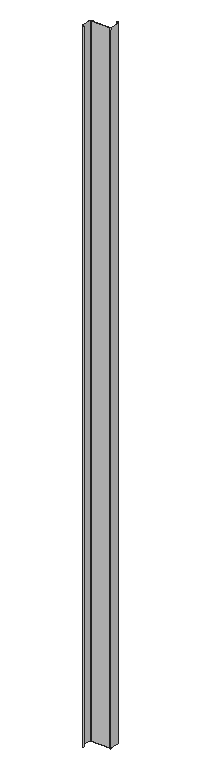
Revit family "f77307c7e09c4e8781433087aa9bef04", category Structural Columns, Revit 2021
Family settings
  Section Shape = Not Defined
  Material for Model Behavior = Steel
  Always export as geometry = No
  Beam cutback in plan = From bounding box
  OmniClass Number = 23.25.30.11.14.11
  OmniClass Title = Columns
  Seek Item ID = Light Gauge-Zees-Column-0000-USA-ENU
  Cut with Voids When Loaded = No
  Symbolic Representation = From Project Settings
  Shared = No
  Show family pre-cut in plan views = Yes
Parameters (values of type "Z3.5 X 1.5")
  t1 = if((t / 0.95 * 0' 1" / 1000) < 0' 0 1/32", 0' 0 1/32", (t / 0.95 * 0' 1" / 1000))  # 0' - 0 1/32"
  t = 0.0598
  d = 0' - 0 1/2"
  W = 0
  Structural Material [instance] = Metal - Light Gauge
  D = 0' - 1 1/2"
  B = 0' - 3 1/2"
  Assembly Code = "B10"
  A = 0.00 in²
Reference planes (in)
  plane 1 "Center (Front/Back)": y = 0
  plane 2: z = 0
  plane 3 "Center (Left/Right)": x = 0
  plane 4 "Right": x = 1.75
  plane 5 "Top": y = 1.5
  plane 6 "Bottom": y = -1.5
  plane 7 "Left": x = -1.75
  plane 8: y = 2
  plane 9: y = -2
  plane 10: x = 1.25
  plane 11: x = -1.25
Forms (in)
  Extrusion 1, solid, material "Metal - Light Gauge" <- "Structural Material", detail levels medium
    sketch origin (1.4375, -0.625, 0) x (0, 1, 0) y (-1, 0, 0)
      loop
        line (0.625, -0.3125) -> (2.125, -0.3125) -> (2.625, 0.1875) -> (2.6029, 0.2096) -> (2.11206, -0.28125) -> (0.65625, -0.28125) -> (0.65625, 3.1875) -> (-0.875, 3.1875) -> (-1.375, 2.6875) -> (-1.3529, 2.6654) -> (-0.86206, 3.15625) -> (0.625, 3.15625) -> (0.625, -0.3125)
    from 0 to 108
  Extrusion 2, solid, material "Metal - Light Gauge" <- "Structural Material", detail levels fine
    sketch origin (0, 0, 0) x (1, 0, 0) y (0, 1, 0)
      loop
        line (1.25, 2) -> (1.2279, 1.9779) -> (1.71875, 1.48706) -> (1.71875, 0.09375)
        arc (1.71875, 0.09375) -> (1.70044, 0.04956) -> (1.65625, 0.03125) r 0.0625
        line (1.65625, 0.03125) -> (-1.65625, 0.03125)
        arc (-1.65625, 0.03125) -> (-1.72254, 0.00379) -> (-1.75, -0.0625) r 0.09375
        line (-1.75, -0.0625) -> (-1.75, -1.5) -> (-1.25, -2) -> (-1.2279, -1.9779) -> (-1.71875, -1.48706) -> (-1.71875, -0.0625)
        arc (-1.71875, -0.0625) -> (-1.70044, -0.01831) -> (-1.65625, 0) r 0.0625
        line (-1.65625, 0) -> (1.65625, 0)
        arc (1.65625, 0) -> (1.72254, 0.02746) -> (1.75, 0.09375) r 0.09375
        line (1.75, 0.09375) -> (1.75, 1.5) -> (1.25, 2)
    from 0 to 108
Lines and regions (in)
  symbolic lines, style "StructuralColumnStickSymbols", detail levels coarse
    curve 1: line (-1.25, -2, 0) -> (-1.75, -1.5, 0)
    curve 2: line (-1.75, -1.5, 0) -> (-1.75, 0, 0)
    curve 3: line (-1.75, 0, 0) -> (1.75, 0, 0)
    curve 4: line (1.75, 0, 0) -> (1.75, 1.5, 0)
    curve 5: line (1.75, 1.5, 0) -> (1.25, 2, 0)
  symbolic lines, style "Hidden Faces", detail levels medium+fine
    curve 6: line (0, 0, 108) -> (0, 0, 0)
    curve 7: line (0, 1.9779, 108) -> (0, 1.9779, 0)
    curve 8: line (0, 1.5, 108) -> (0, 1.5, 0)
    curve 9: line (0, 1.5, 108) -> (0, 1.5, 0)
    curve 10: line (0, -1.48706, 108) -> (0, -1.48706, 0)
    curve 11: line (0, -1.5, 108) -> (0, -1.5, 0)
    curve 12: line (0, -1.9779, 108) -> (0, -1.9779, 0)
    curve 13: line (0, 0.03125, 108) -> (0, 0.03125, 0)
    curve 14: line (1.2279, 0, 108) -> (1.2279, 0, 0)
    curve 15: line (1.71875, 0, 108) -> (1.71875, 0, 0)
    curve 16: line (1.25, 0, 108) -> (1.25, 0, 0)
    curve 17: line (-1.25, 0, 108) -> (-1.25, 0, 0)
    curve 18: line (-1.2279, 0, 108) -> (-1.2279, 0, 0)
    curve 19: line (-1.71875, 0, 108) -> (-1.71875, 0, 0)
Dimensions and locks (in)
  "D": plane 1 "Center (Front/Back)" to plane 5 "Top"
  "D": plane 6 "Bottom" to plane 1 "Center (Front/Back)"
  "d": plane 5 "Top" to plane 8
  "d": plane 6 "Bottom" to plane 9
  equal spacing: plane 7 "Left", plane 3 "Center (Left/Right)", plane 4 "Right"
  "B": plane 7 "Left" to plane 4 "Right"
  "d": plane 7 "Left" to plane 11
  "d": plane 10 to plane 4 "Right"
  "t1": Extrusion 1 sketch curve to Extrusion 1 sketch curve  (x5)
  "t1": Extrusion 2 sketch curve to Extrusion 2 sketch curve  (x5)
  "t1": Extrusion 2 to curve 19
  "t1": Extrusion 1 to curve 15
  locked: Extrusion 2 sketch curve to Extrusion 2 sketch curve at 0.0625  (x4)
  "t1": Extrusion 1 to curve 6
  "d": Extrusion 2 to curve 9
  "d": curve 11 to Extrusion 2
  aligned and locked: level to Extrusion 1  (x4)
  aligned and locked: level to plane 2
  aligned and locked: Extrusion 1 to plane 2
  aligned and locked: Extrusion 1 sketch curve to plane 4 "Right"
  aligned and locked: Extrusion 1 to level  (x4)
  aligned and locked: plane 11 to Extrusion 1 sketch curve
  aligned and locked: plane 7 "Left" to Extrusion 1 sketch curve
  aligned and locked: Extrusion 1 sketch curve to plane 1 "Center (Front/Back)"
  aligned and locked: plane 8 to Extrusion 1 sketch curve
  aligned and locked: plane 10 to Extrusion 1 sketch curve
  aligned and locked: plane 6 "Bottom" to Extrusion 1 sketch curve
  aligned and locked: plane 5 "Top" to Extrusion 1 sketch curve
  aligned and locked: plane 9 to Extrusion 1 sketch curve
  aligned and locked: curve 1 to Extrusion 1
  aligned and locked: curve 2 to Extrusion 1
  aligned and locked: curve 5 to Extrusion 1
  aligned and locked: plane 1 "Center (Front/Back)" to curve 4
  aligned and locked: plane 4 "Right" to curve 3
  aligned and locked: plane 5 "Top" to curve 5
  aligned and locked: plane 8 to curve 5
  aligned and locked: plane 10 to curve 5
  aligned and locked: plane 7 "Left" to curve 3
  aligned and locked: plane 1 "Center (Front/Back)" to curve 2
  aligned and locked: plane 9 to curve 1
  aligned and locked: plane 11 to curve 1
  aligned and locked: curve 13 to Extrusion 1
  aligned and locked: level to Extrusion 2
  aligned and locked: Extrusion 2 to level
  aligned and locked: plane 4 "Right" to Extrusion 2 sketch curve
  aligned and locked: Extrusion 2 sketch curve to plane 1 "Center (Front/Back)"
  aligned and locked: plane 7 "Left" to Extrusion 2 sketch curve
  aligned and locked: plane 8 to Extrusion 2 sketch curve
  aligned and locked: plane 10 to Extrusion 2 sketch curve
  aligned and locked: plane 11 to Extrusion 2 sketch curve
  aligned and locked: plane 9 to Extrusion 2 sketch curve
  aligned and locked: curve 18 to Extrusion 2
  aligned and locked: curve 14 to Extrusion 2
  aligned and locked: curve 17 to Extrusion 2
  aligned and locked: curve 16 to Extrusion 2
  aligned and locked: curve 7 to Extrusion 2
  aligned and locked: curve 9 to curve 8
  aligned and locked: curve 12 to Extrusion 2
  aligned and locked: curve 10 to Extrusion 2
Automatic sketch dimensions
  Extrusion 2 sketch curve to plane 6 "Bottom" = 0' - 0"
  Extrusion 2 sketch curve to plane 5 "Top" = 0' - 0"
  Extrusion 2 sketch curve to Extrusion 2 sketch curve = 0' - 0"  (x4)
  curve 16 to level = 0' - 0"  (x2)
  curve 19 to level = 0' - 0"  (x2)
  curve 14 to level = 0' - 0"  (x2)
  curve 17 to level = 0' - 0"  (x2)
  curve 15 to level = 0' - 0"  (x2)
  curve 18 to level = 0' - 0"  (x2)
  curve 10 to level = 0' - 0"  (x2)
  curve 11 to level = 0' - 0"  (x2)
  curve 13 to level = 0' - 0"  (x2)
  curve 6 to level = 0' - 0"  (x2)
  curve 7 to level = 0' - 0"  (x2)
  curve 8 to level = 0' - 0"  (x2)
  curve 9 to level = 0' - 0"  (x2)
  curve 12 to level = 0' - 0"  (x2)
